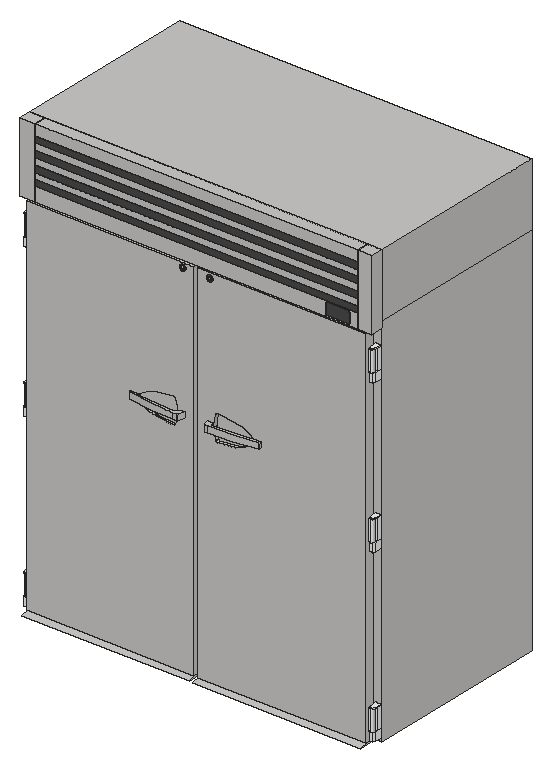
Revit family "QF_Turbo Air_PRO-50F-RI", category Specialty Equipment, Revit 2014
Parameters
  Width = 5' - 7"  # constant formula
  Weight in Pounds = 560
  Watermarked By = ""
  Volts = 208 V
  URL Cutsheet = ""
  URL = "www.turboairinc.com"
  Status [instance] = ""
  Specification by User [instance] = ""
  Specification by Manufacturer [instance] = ""
  Serial Number [instance] = ""
  Revision Code [instance] = ""
  Phase = 1
  Number of Poles [instance] = 1
  NAFEM Spec ID Number [instance] = ""
  Model = "PRO-50F-RI"
  Masterspec [instance] = ""
  Manufacturer = "Turbo Air"  # constant formula
  Description = "Freezer, Roll In"
  Assembly Code = "E1090320"
  Item Number [instance] = "-"
  Installed By [instance] = ""
  HP = "1 1/2"
  Furnished By [instance] = ""
  Foodservice Equipment Identifier = yes
  FL Amps = 10.5 A
  Electrical Remarks [instance] = ""
  Electric Connection Type = "115/208V-230V NEUTRAL REQUIRED"
  Elec Conn RI Height [instance] = 0' - 0"
  Elec Conn Connection Height = 6' - 4 7/8"
  Cycle = 60 Hz
  Conn Plug = "NEMA L14-20P"
  CSI MasterFormat = "11 41 13"
  Apparent Power = if(Phase = 3, Volts * FL Amps * 1.73, Volts * FL Amps)  # 2184 VA
Reference planes (in)
  plane 1 "BACK": y = 0
  plane 2: z = 0
  plane 3 "LEFT": x = -16.56573
  plane 4 "RIGHT": x = 50.43427
  plane 5 "FRONT": y = -37.875
  plane 6 "Box Front": y = -35.5
  plane 7 "TOP": z = 83.875
  plane 8 "Door Bottom": z = 0.375
  plane 9 "Door Top": z = 70.125
  plane 10 "Inside Left": x = -14.56573
  plane 11 "Inside Right": x = 48.43427
  plane 12 "Inside Back": y = -2
  plane 13 "Inside Front": y = -33.5
  plane 14 "Inside Top": z = 71.75
  plane 15 "Center LR": x = 16.93427
  plane 16 "Cowl Bottom": z = 70.5
  plane 17 "Left Door Left": x = -15.31573
  plane 18 "Left Door Right": x = 16.55927
  plane 19 "Right Door Left": x = 17.30927
  plane 20 "Right Door Right": x = 49.18427
Forms (in)
  Extrusion 1, solid, material "QF_Stainless-Polished"
    sketch origin (0, 0, 0) x (1, 0, 0) y (0, 1, 0)
      loop
        line (-16.56573, -35.5) -> (-13.81573, -35.5) -> (-13.81573, -33.5) -> (-14.56573, -33.5) -> (-14.56573, -2) -> (48.43427, -2) -> (48.43427, -33.5) -> (47.68427, -33.5) -> (47.68427, -35.5) -> (50.43427, -35.5) -> (50.43427, 0) -> (-16.56573, 0) -> (-16.56573, -35.5)
    from 0 to 71.75
  Extrusion 2, solid, material "QF_Stainless-Polished"
    sketch origin (-14.56573, 0, 0) x (0, 1, 0) y (0, 0, 1)
      loop
        line (-33.5, 1) -> (-33.5, 0) -> (-2, 0) -> (-2, 1) -> (-33.5, 1)
      loop
        line (-33.5, 71.75) -> (-33.5, 70.375) -> (-2, 70.375) -> (-2, 71.75) -> (-33.5, 71.75)
    from 0 to 63
  Extrusion 3, solid, material "QF_Stainless-Polished"
    sketch origin (-14.56573, 0, 0) x (0, 1, 0) y (0, 0, 1)
      loop
        line (-33.5, 0) -> (-33.5, 2) -> (-35.5, 2) -> (-35.5, 0) -> (-33.5, 0)
      loop
        line (-35.5, 71.75) -> (-35.5, 68) -> (-33.5, 68) -> (-33.5, 71.75) -> (-35.5, 71.75)
    from 0.75 to 62.25
  Extrusion 4, solid, material "QF_Stainless-Polished"
    sketch origin (0, 0, 83.875) x (0, 1, 0) y (-1, 0, 0)
      loop
        line (0, 16.56573) -> (-35.5, 16.56573) -> (-35.5, -50.43427) -> (0, -50.43427) -> (0, 16.56573)
    from 0 to -12.125
  Extrusion 5, solid, material "QF_Stainless-Polished"
    sketch origin (-14.56573, 0, 0) x (0, 1, 0) y (0, 0, 1)
      loop
        line (-2, 70.375) -> (-27.25, 70.375) -> (-25, 69.125) -> (-13.25, 69.125) -> (-3.25, 66.625) -> (-2, 66.625) -> (-2, 70.375)
    from 0 to 63
  Extrusion 6, solid, material "QF_Stainless-Polished"
    sketch origin (16.93427, 0, 0) x (0, 1, 0) y (0, 0, 1)
      loop
        line (-3.25, 66.625) -> (-3.25, 29.875) -> (-2, 29.875) -> (-2, 66.625) -> (-3.25, 66.625)
    from 0.25 to -0.25
  Extrusion 7, solid, material "QF_Plastic-Black-Fine Textured"
    sketch origin (0, -35.5, 0) x (1, 0, 0) y (0, 0, 1)
      loop
        line (-14.31573, 68.75) -> (-14.31573, 1.75) -> (15.55927, 1.75) -> (15.55927, 68.75) -> (-14.31573, 68.75)
      loop
        line (48.18427, 1.75) -> (48.18427, 68.75) -> (18.30927, 68.75) -> (18.30927, 1.75) -> (48.18427, 1.75)
      loop
        line (-14.56573, 1.5) -> (15.80927, 1.5) -> (15.80927, 69) -> (-14.56573, 69) -> (-14.56573, 1.5)
      loop
        line (48.43427, 69) -> (18.05927, 69) -> (18.05927, 1.5) -> (48.43427, 1.5) -> (48.43427, 69)
    from 0 to 0.625
  Extrusion 8, solid, material "QF_Stainless-Polished"
    sketch origin (0, -35.5, 0) x (1, 0, 0) y (0, 0, 1)
      loop
        line (-16.56573, 83.875) -> (-16.56573, 70.5) -> (-13.75323, 70.5) -> (-13.75323, 83.875) -> (-16.56573, 83.875)
      loop
        line (50.43427, 83.875) -> (47.62177, 83.875) -> (47.62177, 70.5) -> (50.43427, 70.5) -> (50.43427, 83.875)
    from 0 to 2.375
  Extrusion 9, solid, material "QF_Stainless-Polished"
    sketch origin (0, -35.5, 0) x (1, 0, 0) y (0, 0, 1)
      loop
        line (-13.75323, 83.875) -> (-13.75323, 81.875) -> (47.62177, 81.875) -> (47.62177, 83.875) -> (-13.75323, 83.875)
      loop
        line (-13.75323, 70.5) -> (47.62177, 70.5) -> (47.62177, 73.25) -> (-13.75323, 73.25) -> (-13.75323, 70.5)
      loop
        arc (46.12177, 72.75) -> (46.06686, 72.88258) -> (45.93427, 72.9375) r 0.1875
        line (45.93427, 72.9375) -> (41.80927, 72.9375)
        arc (41.80927, 72.9375) -> (41.67669, 72.88258) -> (41.62177, 72.75) r 0.1875
        line (41.62177, 72.75) -> (41.62177, 70.9375)
        arc (41.62177, 70.9375) -> (41.67669, 70.80492) -> (41.80927, 70.75) r 0.1875
        line (41.80927, 70.75) -> (45.93427, 70.75)
        arc (45.93427, 70.75) -> (46.06686, 70.80492) -> (46.12177, 70.9375) r 0.1875
        line (46.12177, 70.9375) -> (46.12177, 72.75)
    from 0 to 2.375
  Extrusion 10, solid, material "QF_Stainless-Polished"
    sketch origin (0, -35.5, 0) x (1, 0, 0) y (0, 0, 1)
      loop
        line (-13.75323, 80.5625) -> (-13.75323, 79.4375) -> (47.62177, 79.4375) -> (47.62177, 80.5625) -> (-13.75323, 80.5625)
      loop
        line (47.62177, 78.0625) -> (-13.75323, 78.0625) -> (-13.75323, 76.9375) -> (47.62177, 76.9375) -> (47.62177, 78.0625)
      loop
        line (47.62177, 75.5625) -> (-13.75323, 75.5625) -> (-13.75323, 74.4375) -> (47.62177, 74.4375) -> (47.62177, 75.5625)
    from 0 to 2.375
  Extrusion 11, solid, material "QF_Plastic-Black-Fine Textured"
    sketch origin (0, -35.5, 0) x (1, 0, 0) y (0, 0, 1)
      loop
        line (-13.75323, 81.875) -> (-13.75323, 80.5625) -> (47.62177, 80.5625) -> (47.62177, 81.875) -> (-13.75323, 81.875)
      loop
        line (-13.75323, 79.4375) -> (-13.75323, 78.0625) -> (47.62177, 78.0625) -> (47.62177, 79.4375) -> (-13.75323, 79.4375)
      loop
        line (-13.75323, 76.9375) -> (-13.75323, 75.5625) -> (47.62177, 75.5625) -> (47.62177, 76.9375) -> (-13.75323, 76.9375)
      loop
        line (-13.75323, 74.4375) -> (-13.75323, 73.25) -> (47.62177, 73.25) -> (47.62177, 74.4375) -> (-13.75323, 74.4375)
    from 0 to 2.375
  Extrusion 12, solid, material "QF_Plastic-Black-Fine Textured"
    sketch origin (0, -35.5, 0) x (1, 0, 0) y (0, 0, 1)
      loop
        arc (41.80927, 72.9375) -> (41.67669, 72.88258) -> (41.62177, 72.75) r 0.1875
        line (41.62177, 72.75) -> (41.62177, 70.9375)
        arc (41.62177, 70.9375) -> (41.67669, 70.80492) -> (41.80927, 70.75) r 0.1875
        line (41.80927, 70.75) -> (45.93427, 70.75)
        arc (45.93427, 70.75) -> (46.06686, 70.80492) -> (46.12177, 70.9375) r 0.1875
        line (46.12177, 70.9375) -> (46.12177, 72.75)
        arc (46.12177, 72.75) -> (46.06686, 72.88258) -> (45.93427, 72.9375) r 0.1875
        line (45.93427, 72.9375) -> (41.80927, 72.9375)
    from 0 to 2.375
  Extrusion 13, solid, material "QF_Clearance", detail levels coarse+medium
    sketch origin (0, 0, 0.375) x (0, 1, 0) y (-1, 0, 0)
      loop
        line (-37.875, 16.56573) -> (-71, 16.56573)
        arc (-71, 16.56573) -> (-61.29791, -6.85719) -> (-37.875, -16.55927) r 33.125
        line (-37.875, -16.55927) -> (-37.875, 16.56573)
    from 0 to 69.75
  Extrusion 14, solid, material "QF_Clearance", detail levels coarse+medium
    sketch origin (26.25, 0, 0.375) x (0, 1, 0) y (-1, 0, 0)
      loop
        arc (-37.875, 8.94073) -> (-61.29791, -0.76136) -> (-71, -24.18427) r 33.125
        line (-71, -24.18427) -> (-37.875, -24.18427) -> (-37.875, 8.94073)
    from 0 to 69.75
  Extrusion 15, solid, material "QF_Stainless-Polished"
    sketch origin (0, -35.5, 0) x (1, 0, 0) y (0, 0, 1)
      loop
        line (18.87177, 68) -> (14.99677, 68) -> (14.99677, 2) -> (18.87177, 2) -> (18.87177, 68)
    from 0 to -2
  Extrusion 16, solid, material "QF_Stainless-Polished"
    sketch origin (-15.31573, 0, 0) x (0, 1, 0) y (0, 0, 1)
      loop
        line (-35.5, 0.625) -> (-39.04455, 0) -> (-35.5, 0) -> (-35.5, 0.625)
    from 0 to 31.875
  Extrusion 17, solid, material "QF_Stainless-Polished"
    sketch origin (17.30927, 0, 0) x (0, 1, 0) y (0, 0, 1)
      loop
        line (-35.5, 0.625) -> (-39.04455, 0) -> (-35.5, 0) -> (-35.5, 0.625)
    from 0 to 31.875
Lines and regions (in)
  symbolic lines
    curve 1: line (-16.56573, 0, 83.875) -> (50.43427, 0, 83.875)
    curve 2: line (-16.56573, -37.875, 83.875) -> (-16.56573, 0, 83.875)
    curve 3: line (50.43427, -37.875, 83.875) -> (-16.56573, -37.875, 83.875)
    curve 4: line (50.43427, 0, 83.875) -> (50.43427, -37.875, 83.875)
    curve 9: line (-15.31573, -37.875, 0.375) -> (-15.31573, -39.04455, 0.375)
    curve 10: line (-15.31573, -39.04455, 0.375) -> (49.18427, -39.04455, 0.375)
    curve 11: line (49.18427, -39.04455, 0.375) -> (49.18427, -37.875, 0.375)
  symbolic lines, style "QF_Clearances_Door_Drawer"
    curve 5: line (-16.56573, -37.875, 0.375) -> (-16.56573, -71, 0.375)
    curve 6: line (50.43427, -71, 0.375) -> (50.43427, -37.875, 0.375)
  symbolic lines, style "QF_Clearances_Door_Drawer", detail levels coarse+medium
    curve 7: arc (-16.56573, -71, 0.375) -> (6.85719, -61.29791, 0.375) -> (16.55927, -37.875, 0.375) r 33.125
    curve 8: arc (17.30927, -37.875, 0.375) -> (27.01136, -61.29791, 0.375) -> (50.43427, -71, 0.375) r 33.125
Dimensions and locks (in)
  "Width": plane 4 "RIGHT" to plane 3 "LEFT"
  locked: plane 5 "FRONT" to plane 6 "Box Front" at 2.375
  locked: plane 3 "LEFT" to plane 10 "Inside Left" at 2
  locked: plane 11 "Inside Right" to plane 4 "RIGHT" at 2
  locked: plane 12 "Inside Back" to plane 1 "BACK" at 2
  locked: plane 6 "Box Front" to plane 13 "Inside Front" at 2
  locked: plane 10 "Inside Left" to Extrusion 1 sketch curve at 0.75
  locked: Extrusion 1 sketch curve to plane 11 "Inside Right" at 0.75
  locked: plane 14 "Inside Top" to Extrusion 2 sketch curve at 1.375
  locked: Extrusion 3 sketch curve to plane 14 "Inside Top" at 3.75
  locked: plane 14 "Inside Top" to Extrusion 5 sketch curve at 1.375
  locked: Extrusion 5 sketch curve to Extrusion 5 sketch curve at 1.25
  locked: Extrusion 5 sketch curve to Extrusion 5 sketch curve at 11.75
  locked: Extrusion 5 sketch curve to plane 12 "Inside Back" at 25.25
  locked: Extrusion 5 sketch curve to plane 12 "Inside Back" at 1.25
  locked: Extrusion 5 sketch curve to plane 12 "Inside Back" at 11.25
  locked: Extrusion 5 sketch curve to Extrusion 5 sketch curve at 3.75
  equal spacing: plane 3 "LEFT", plane 15 "Center LR", plane 4 "RIGHT"
  locked: plane 14 "Inside Top" to Extrusion 6 sketch curve at 5.125
  locked: Extrusion 6 sketch curve to Extrusion 6 sketch curve at 36.75
  locked: Extrusion 6 sketch curve to plane 12 "Inside Back" at 1.25
  locked: Extrusion 7 sketch curve to Extrusion 7 sketch curve at 0.25  (x8)
  locked: Extrusion 7 sketch curve to plane 3 "LEFT" at 2
  locked: Extrusion 7 sketch curve to plane 4 "RIGHT" at 2
  locked: plane 9 "Door Top" to Extrusion 7 sketch curve at 1.125  (x2)
  locked: Extrusion 7 sketch curve to plane 8 "Door Bottom" at 1.125  (x2)
  locked: plane 16 "Cowl Bottom" to plane 9 "Door Top" at 0.375
  locked: plane 3 "LEFT" to Extrusion 8 sketch curve at 2.8125
  locked: Extrusion 8 sketch curve to plane 4 "RIGHT" at 2.8125
  locked: Extrusion 9 sketch curve to plane 3 "LEFT" at 2.8125  (x2)
  locked: plane 7 "TOP" to Extrusion 9 sketch curve at 2
  locked: Extrusion 9 sketch curve to plane 4 "RIGHT" at 2.8125  (x2)
  locked: Extrusion 9 sketch curve to plane 16 "Cowl Bottom" at 2.75
  locked: Extrusion 9 sketch curve to Extrusion 9 sketch curve at 4.5
  locked: Extrusion 9 sketch curve to plane 4 "RIGHT" at 4.3125
  locked: Extrusion 9 sketch curve to Extrusion 9 sketch curve at 2.1875
  locked: Extrusion 9 sketch curve to Extrusion 9 sketch curve at 0.3125
  locked: Extrusion 10 sketch curve to plane 3 "LEFT" at 2.8125  (x3)
  locked: Extrusion 10 sketch curve to plane 4 "RIGHT" at 2.8125  (x3)
  locked: plane 7 "TOP" to Extrusion 10 sketch curve at 3.3125
  locked: Extrusion 10 sketch curve to Extrusion 10 sketch curve at 1.125  (x3)
  locked: Extrusion 10 sketch curve to Extrusion 10 sketch curve at 1.375  (x2)
  locked: plane 3 "LEFT" to plane 17 "Left Door Left" at 1.25
  locked: plane 20 "Right Door Right" to plane 4 "RIGHT" at 1.25
  locked: plane 14 "Inside Top" to Extrusion 15 sketch curve at 3.75
  Extrusion 15 sketch curve to plane 15 "Center LR" to Extrusion 15 sketch curve = 0' - 1 15/16" locked, 0' - 1 15/16" locked
  locked: Extrusion 7 sketch curve to plane 18 "Left Door Right" at 0.75
  locked: Extrusion 7 sketch curve to plane 19 "Right Door Left" at 0.75
  locked: plane 6 "Box Front" to plane 1 "BACK" at 35.5
  plane 8 "Door Bottom" to level = 0' - 0 3/8"
  locked: plane 14 "Inside Top" to plane 16 "Cowl Bottom" at 1.25
  locked: plane 7 "TOP" to plane 16 "Cowl Bottom" at 13.375
  locked: plane 7 "TOP" to level at 83.875
  plane 9 "Door Top" to plane 8 "Door Bottom" = 5' - 9 3/4"
  locked: plane 18 "Left Door Right" to plane 15 "Center LR" at 0.375
  locked: plane 15 "Center LR" to plane 19 "Right Door Left" at 0.375
  aligned and locked: level to plane 2
  aligned and locked: Extrusion 1 sketch curve to plane 3 "LEFT"
  aligned and locked: plane 10 "Inside Left" to Extrusion 1 sketch curve
  aligned and locked: Extrusion 1 sketch curve to plane 11 "Inside Right"
  aligned and locked: plane 4 "RIGHT" to Extrusion 1 sketch curve
  aligned and locked: plane 12 "Inside Back" to Extrusion 1 sketch curve
  aligned and locked: Extrusion 1 sketch curve to plane 1 "BACK"
  aligned and locked: Extrusion 1 sketch curve to plane 13 "Inside Front"  (x2)
  aligned and locked: plane 6 "Box Front" to Extrusion 1 sketch curve  (x2)
  aligned and locked: plane 14 "Inside Top" to Extrusion 1
  aligned and locked: plane 13 "Inside Front" to Extrusion 2 sketch curve
  aligned and locked: plane 12 "Inside Back" to Extrusion 2 sketch curve  (x2)
  aligned and locked: plane 11 "Inside Right" to Extrusion 2
  aligned and locked: plane 6 "Box Front" to Extrusion 3 sketch curve  (x2)
  aligned and locked: Extrusion 3 sketch curve to plane 13 "Inside Front"  (x2)
  aligned and locked: Extrusion 3 to Extrusion 1  (x2)
  aligned and locked: Extrusion 2 sketch curve to plane 14 "Inside Top"
  aligned and locked: Extrusion 2 sketch curve to plane 13 "Inside Front"
  aligned and locked: plane 14 "Inside Top" to Extrusion 3 sketch curve
  aligned and locked: plane 1 "BACK" to Extrusion 4 sketch curve
  aligned and locked: plane 3 "LEFT" to Extrusion 4 sketch curve
  aligned and locked: Extrusion 4 sketch curve to plane 6 "Box Front"
  aligned and locked: Extrusion 4 sketch curve to plane 4 "RIGHT"
  aligned and locked: Extrusion 4 to plane 14 "Inside Top"
  aligned and locked: plane 12 "Inside Back" to Extrusion 5 sketch curve
  aligned and locked: plane 11 "Inside Right" to Extrusion 5
  aligned and locked: Extrusion 6 sketch curve to plane 12 "Inside Back"
  aligned and locked: plane 5 "FRONT" to Extrusion 8
  aligned and locked: plane 3 "LEFT" to curve 2
  aligned and locked: curve 3 to plane 5 "FRONT"
  aligned and locked: curve 4 to plane 4 "RIGHT"
  aligned and locked: plane 1 "BACK" to curve 1
  aligned and locked: plane 16 "Cowl Bottom" to Extrusion 8 sketch curve
  aligned and locked: plane 3 "LEFT" to Extrusion 8 sketch curve
  aligned and locked: Extrusion 8 sketch curve to plane 7 "TOP"
  aligned and locked: plane 7 "TOP" to Extrusion 8 sketch curve
  aligned and locked: plane 4 "RIGHT" to Extrusion 8 sketch curve
  aligned and locked: Extrusion 8 sketch curve to plane 16 "Cowl Bottom"
  aligned and locked: Extrusion 9 sketch curve to plane 7 "TOP"
  aligned and locked: plane 16 "Cowl Bottom" to Extrusion 9 sketch curve
  aligned and locked: plane 5 "FRONT" to Extrusion 9
  aligned and locked: plane 5 "FRONT" to Extrusion 10
  aligned and locked: Extrusion 11 sketch curve to Extrusion 9  (x4)
  aligned and locked: Extrusion 11 sketch curve to Extrusion 10  (x12)
  aligned and locked: plane 5 "FRONT" to Extrusion 11
  aligned and locked: Extrusion 12 sketch curve to Extrusion 9  (x4)
  aligned and locked: plane 5 "FRONT" to Extrusion 12
  aligned and locked: plane 8 "Door Bottom" to nested 1
  aligned and locked: plane 3 "LEFT" to nested 1
  aligned and locked: plane 18 "Left Door Right" to nested 1
  aligned and locked: plane 9 "Door Top" to Extrusion 13
  aligned and locked: plane 9 "Door Top" to Extrusion 14
  aligned and locked: plane 4 "RIGHT" to nested 2
  aligned and locked: plane 18 "Left Door Right" to Extrusion 16
  aligned and locked: plane 20 "Right Door Right" to Extrusion 17
  aligned and locked: nested 1 to plane 6 "Box Front"
  aligned and locked: plane 6 "Box Front" to nested 2
Automatic sketch dimensions
  Extrusion 2 sketch curve to level = 0' - 0"
  plane 8 "Door Bottom" to Extrusion 2 sketch curve = 0' - 0 5/8"
  Extrusion 3 sketch curve to level = 0' - 0"
  plane 8 "Door Bottom" to Extrusion 3 sketch curve = 0' - 1 5/8"
  Extrusion 9 sketch curve to Extrusion 9 sketch curve = 0' - 0 3/16"  (x4)
  Extrusion 13 sketch curve to plane 3 "LEFT" = 0' - 0"
  plane 5 "FRONT" to Extrusion 13 sketch curve = 0' - 0"
  Extrusion 13 sketch curve to plane 18 "Left Door Right" = 0' - 0"
  Extrusion 14 sketch curve to plane 4 "RIGHT" = 0' - 0"
  plane 5 "FRONT" to Extrusion 14 sketch curve = 0' - 0"
  Extrusion 14 sketch curve to plane 19 "Right Door Left" = 0' - 0"
  plane 8 "Door Bottom" to Extrusion 15 sketch curve = 0' - 1 5/8"
  Extrusion 16 sketch curve to level = 0' - 0"
  Extrusion 16 sketch curve to plane 6 "Box Front" = 0' - 0"
  plane 5 "FRONT" to Extrusion 16 sketch curve = 0' - 1.16955"
  plane 8 "Door Bottom" to Extrusion 16 sketch curve = 0' - 0 1/4"
  Extrusion 17 sketch curve to level = 0' - 0"
  Extrusion 17 sketch curve to plane 6 "Box Front" = 0' - 0"
  plane 5 "FRONT" to Extrusion 17 sketch curve = 0' - 1.16955"
  plane 8 "Door Bottom" to Extrusion 17 sketch curve = 0' - 0 1/4"
  curve 5 to plane 3 "LEFT" = 0' - 0"
  curve 6 to plane 4 "RIGHT" = 0' - 0"
  curve 9 to plane 17 "Left Door Left" = 0' - 0"
  curve 10 to plane 20 "Right Door Right" = 0' - 0"
  plane 5 "FRONT" to curve 7 = 0' - 0"
  plane 5 "FRONT" to curve 9 = 0' - 0"
  plane 5 "FRONT" to curve 6 = 0' - 0"
  plane 5 "FRONT" to curve 8 = 0' - 0"
  plane 5 "FRONT" to curve 5 = 0' - 0"
  plane 5 "FRONT" to curve 11 = 0' - 0"
  curve 8 to plane 19 "Right Door Left" = 0' - 0"
  curve 7 to plane 18 "Left Door Right" = 0' - 0"
  plane 5 "FRONT" to curve 9 = 0' - 1.16955"
Nested families (in)
  nested 1: "QF_Turbo Air_RI-Solid Door" at (-0.00645, -36.125, 0.375) x (-1, 0, 0) z (0, 0, 1), type "QF_Turbo Air_RI-Solid Door"
    with Width 2' - 7 7/8", Symbolic Lines Handle yes, Symbolic Lines no, Height 5' - 9 3/4", Handle From Top 2' - 1 7/8", Center Hinge yes
  nested 2: "QF_Turbo Air_RI-Solid Door" at (33.875, -36.125, 0.375), type "QF_Turbo Air_RI-Solid Door"
    with Width 2' - 7 7/8", Symbolic Lines Handle yes, Symbolic Lines no, Height 5' - 9 3/4", Handle From Top 2' - 1 7/8", Center Hinge yes
Connectors (in)
  electrical at (16.93427, 0, 77.8125)
    settings: on Extrusion 4, index 1, voltage 0 V, apparent load 0 VA, apparent load phase1 0 VA, apparent load phase2 0 VA, apparent load phase3 0 VA, power factor 1, load classification "Other", number of poles 1, system type 31, power factor state 1, is connector primary yes, connector utility no, sub classification motor no, connector description ""
Definition of nested family "QF_Turbo Air_RI-Solid Door"
  Parameters (values of type "QF_Turbo Air_RI-Solid Door")
    Width [instance] = 2' - 2 1/4"
    Watermarked By = ""
    Symbolic Lines Handle [instance] = yes
    Symbolic Lines [instance] = yes
    Height [instance] = 5' - 3 1/4"
    Handle From Top [instance] = 2' - 1 7/8"
    Center Hinge [instance] = yes
  Reference planes (in)
    plane 1 "Door Back": y = 0
    plane 2: z = 0
    plane 3 "LEFT": x = -16.56573
    plane 4 "Door Front": y = -1.75
    plane 5 "Handle Front": y = -3.0625
    plane 6 "Door Right": x = 9.68427
    plane 7 "TOP": z = 63.25
    plane 8 "Handle Elevation": z = 37.375
    plane 9 "Hinge Right": x = 10.93427
    plane 10 "Top Hinge Top": z = 60.75
    plane 11 "Top Hinge Bottom": z = 55
    plane 12: z = 56.625
    plane 13 "Center TB": z = 31.625
    plane 14 "Center Hinge Top": z = 35.0625
    plane 15 "Center Hinge Bottom": z = 29.3125
    plane 16: z = 30.9375
    plane 17 "Bottom Hinge Top": z = 6
    plane 18 "Bottom Hinge Bottom": z = 0.25
    plane 19: z = 1.875
    plane 20 "Hinges Front": y = -1.1875
    plane 21 "Hinges Back": y = 0.625
  Forms (in)
    Extrusion 1, solid, material "QF_Stainless-Polished"
      sketch origin (0, 0, 0) x (1, 0, 0) y (0, 0, 1)
        loop
          line (-16.56573, 63.25) -> (-16.56573, 0) -> (9.68427, 0) -> (9.68427, 63.25) -> (-16.56573, 63.25)
        loop
          arc (-13.15519, 39.61272) -> (-13.41636, 38.50742) -> (-13.50323, 37.375) r 7.3125
          arc (-13.50323, 37.375) -> (-13.41636, 36.24258) -> (-13.15519, 35.13728) r 7.3125
          arc (-13.15519, 35.13728) -> (-13.01711, 34.94724) -> (-12.79306, 34.87662) r 0.375
          arc (-12.79306, 34.87662) -> (-11.04564, 34.98179) -> (-9.31573, 35.25) r 18.6875
          arc (-9.31573, 35.25) -> (-7.55515, 35.84984) -> (-6.00323, 36.875) r 7.30243
          arc (-6.00323, 36.875) -> (-5.85876, 37.375) -> (-6.00323, 37.875) r 0.9375
          arc (-6.00323, 37.875) -> (-7.55515, 38.90016) -> (-9.31573, 39.5) r 7.30243
          arc (-9.31573, 39.5) -> (-11.04564, 39.76821) -> (-12.79306, 39.87338) r 18.6875
          arc (-12.79306, 39.87338) -> (-13.01711, 39.80276) -> (-13.15519, 39.61272) r 0.375
      from 0 to 1.75
    Extrusion 2, solid, material "QF_Stainless-Polished"
      sketch origin (0, 0, 0) x (1, 0, 0) y (0, 0, 1)
        loop
          arc (-13.15519, 39.61272) -> (-13.41636, 38.50742) -> (-13.50323, 37.375) r 7.3125
          arc (-13.50323, 37.375) -> (-13.41636, 36.24258) -> (-13.15519, 35.13728) r 7.3125
          arc (-13.15519, 35.13728) -> (-13.01711, 34.94724) -> (-12.79306, 34.87662) r 0.375
          arc (-12.79306, 34.87662) -> (-11.04564, 34.98179) -> (-9.31573, 35.25) r 18.6875
          arc (-9.31573, 35.25) -> (-7.55515, 35.84984) -> (-6.00323, 36.875) r 7.30243
          arc (-6.00323, 36.875) -> (-5.85876, 37.375) -> (-6.00323, 37.875) r 0.9375
          arc (-6.00323, 37.875) -> (-7.55515, 38.90016) -> (-9.31573, 39.5) r 7.30243
          arc (-9.31573, 39.5) -> (-11.04564, 39.76821) -> (-12.79306, 39.87338) r 18.6875
          arc (-12.79306, 39.87338) -> (-13.01711, 39.80276) -> (-13.15519, 39.61272) r 0.375
      from 0 to 1.25
    Extrusion 3, solid, material "QF_Stainless-Polished"
      sketch origin (0, 0, 37.375) x (0, 1, 0) y (-1, 0, 0)
        loop
          line (-1.75, 14.806) -> (-2.93294, 14.42164)
          arc (-2.93294, 14.42164) -> (-3.02669, 14.35352) -> (-3.0625, 14.24331) r 0.1875
          line (-3.0625, 14.24331) -> (-3.0625, 13.62954)
          arc (-3.0625, 13.62954) -> (-2.88483, 9.14446) -> (-2.21868, 4.70557) r 41.0625
          arc (-2.21868, 4.70557) -> (-2.15347, 4.59812) -> (-2.03505, 4.55599) r 0.1875
          line (-2.03505, 4.55599) -> (-1.75, 4.55599) -> (-1.75, 5.93099) -> (-1.83987, 5.93099)
          arc (-1.83987, 5.93099) -> (-1.96178, 5.97604) -> (-2.02512, 6.08952) r 0.1875
          arc (-2.02512, 6.08952) -> (-2.42253, 9.66014) -> (-2.50243, 13.25191) r 40.5625
          arc (-2.50243, 13.25191) -> (-2.47714, 13.3419) -> (-2.41155, 13.4085) r 0.1875
          line (-2.41155, 13.4085) -> (-1.75, 13.806) -> (-1.75, 14.806)
      from -0.5625 to 0.5625
    Extrusion 4, solid, material "QF_Steel-Chrome Plated"
      sketch origin (0, 0, 0.25) x (0, 1, 0) y (-1, 0, 0)
        loop
          line (0.625, -10.81225) -> (0.625, -9.7438) -> (-0.75, -9.80927) -> (-1.1875, -9.9342) -> (-1.1875, -10.62185) -> (-0.75, -10.74677) -> (0.625, -10.81225)
      from 0 to 1.625
    Extrusion 5, solid, material "QF_Steel-Chrome Plated"
      sketch origin (0, 0, 6) x (0, 1, 0) y (-1, 0, 0)
        loop
          line (-0.5625, -9.68427) -> (-1.1875, -9.68427) -> (-1.1875, -10.27802)
          arc (-1.1875, -10.27802) -> (-0.875, -10.59052) -> (-0.5625, -10.27802) r 0.3125
          line (-0.5625, -10.27802) -> (-0.5625, -9.68427)
      from -0.125 to -4.125
    Extrusion 6, solid, material "QF_Steel-Chrome Plated"
      sketch origin (0, 0, 6) x (0, 1, 0) y (-1, 0, 0)
        loop
          line (0.625, -9.7438) -> (-0.25, -9.78547) -> (-0.25, -10.77058) -> (0.625, -10.81225) -> (0.625, -9.7438)
      from -0.125 to -4.125
    Extrusion 7, solid, material "QF_Steel-Chrome Plated"
      sketch origin (0, 0, 6) x (0, 1, 0) y (-1, 0, 0)
        loop
          line (0.625, -10.81225) -> (0.625, -9.7438) -> (-0.75, -9.80927) -> (-1.1875, -9.9342) -> (-1.1875, -10.62185) -> (-0.75, -10.74677) -> (0.625, -10.81225)
      from 0 to -0.125
    Extrusion 8, solid, material "QF_Steel-Chrome Plated", visible <- "Center Hinge"
      sketch origin (0, 0, 29.3125) x (0, 1, 0) y (-1, 0, 0)
        loop
          line (0.625, -10.81225) -> (0.625, -9.7438) -> (-0.75, -9.80927) -> (-1.1875, -9.9342) -> (-1.1875, -10.62185) -> (-0.75, -10.74677) -> (0.625, -10.81225)
      from 0 to 1.625
    Extrusion 9, solid, material "QF_Steel-Chrome Plated", visible <- "Center Hinge"
      sketch origin (0, 0, 35.0625) x (0, 1, 0) y (-1, 0, 0)
        loop
          line (-0.5625, -9.68427) -> (-1.1875, -9.68427) -> (-1.1875, -10.27802)
          arc (-1.1875, -10.27802) -> (-0.875, -10.59052) -> (-0.5625, -10.27802) r 0.3125
          line (-0.5625, -10.27802) -> (-0.5625, -9.68427)
      from -0.125 to -4.125
    Extrusion 10, solid, material "QF_Steel-Chrome Plated", visible <- "Center Hinge"
      sketch origin (0, 0, 35.0625) x (0, 1, 0) y (-1, 0, 0)
        loop
          line (0.625, -9.7438) -> (-0.25, -9.78547) -> (-0.25, -10.77058) -> (0.625, -10.81225) -> (0.625, -9.7438)
      from -0.125 to -4.125
    Extrusion 11, solid, material "QF_Steel-Chrome Plated", visible <- "Center Hinge"
      sketch origin (0, 0, 35.0625) x (0, 1, 0) y (-1, 0, 0)
        loop
          line (0.625, -10.81225) -> (0.625, -9.7438) -> (-0.75, -9.80927) -> (-1.1875, -9.9342) -> (-1.1875, -10.62185) -> (-0.75, -10.74677) -> (0.625, -10.81225)
      from 0 to -0.125
    Extrusion 12, solid, material "QF_Steel-Chrome Plated"
      sketch origin (0, 0, 55) x (0, 1, 0) y (-1, 0, 0)
        loop
          line (0.625, -10.81225) -> (0.625, -9.7438) -> (-0.75, -9.80927) -> (-1.1875, -9.9342) -> (-1.1875, -10.62185) -> (-0.75, -10.74677) -> (0.625, -10.81225)
      from 0 to 1.625
    Extrusion 13, solid, material "QF_Steel-Chrome Plated"
      sketch origin (0, 0, 60.75) x (0, 1, 0) y (-1, 0, 0)
        loop
          line (-0.5625, -9.68427) -> (-1.1875, -9.68427) -> (-1.1875, -10.27802)
          arc (-1.1875, -10.27802) -> (-0.875, -10.59052) -> (-0.5625, -10.27802) r 0.3125
          line (-0.5625, -10.27802) -> (-0.5625, -9.68427)
      from -0.125 to -4.125
    Extrusion 14, solid, material "QF_Steel-Chrome Plated"
      sketch origin (0, 0, 60.75) x (0, 1, 0) y (-1, 0, 0)
        loop
          line (0.625, -9.7438) -> (-0.25, -9.78547) -> (-0.25, -10.77058) -> (0.625, -10.81225) -> (0.625, -9.7438)
      from -0.125 to -4.125
    Extrusion 15, solid, material "QF_Steel-Chrome Plated"
      sketch origin (0, 0, 60.75) x (0, 1, 0) y (-1, 0, 0)
        loop
          line (0.625, -10.81225) -> (0.625, -9.7438) -> (-0.75, -9.80927) -> (-1.1875, -9.9342) -> (-1.1875, -10.62185) -> (-0.75, -10.74677) -> (0.625, -10.81225)
      from 0 to -0.125
    Extrusion 16, void
      sketch origin (0, 0, 0) x (1, 0, 0) y (0, 0, 1)
        loop
          circle (-14.37823, 62.3125) r 0.5625
        loop
          circle (-14.37823, 62.3125) r 0.3125
      from 0 to 1.75
    Extrusion 17, solid, material "QF_Plastic-Black-Fine Textured"
      sketch origin (0, 0, 0) x (1, 0, 0) y (0, 0, 1)
        loop
          circle (-14.37823, 62.3125) r 0.5625
        loop
          circle (-14.37823, 62.3125) r 0.3125
      from 0 to 1.75
  Cuts and joins
    Extrusion 16 cuts Extrusion 1
  Lines and regions (in)
    symbolic lines, visible <- "Symbolic Lines"
      curve 1: line (-16.56573, 0, 6) -> (9.68427, 0, 6)
      curve 2: line (-16.56573, -1.75, 6) -> (-16.56573, 0, 6)
      curve 3: line (9.68427, -1.75, 6) -> (-16.56573, -1.75, 6)
      curve 4: line (9.68427, 0, 6) -> (9.68427, -1.75, 6)
      curve 5: line (10.81225, 0.625, 6) -> (9.7438, 0.625, 6)
      curve 6: line (10.74677, -0.75, 6) -> (10.81225, 0.625, 6)
      curve 7: line (10.62185, -1.1875, 6) -> (10.74677, -0.75, 6)
      curve 8: line (9.9342, -1.1875, 6) -> (10.62185, -1.1875, 6)
      curve 9: line (9.80927, -0.75, 6) -> (9.9342, -1.1875, 6)
      curve 10: line (9.7438, 0.625, 6) -> (9.80927, -0.75, 6)
    symbolic lines, visible <- "Symbolic Lines Handle"
      curve 11: line (-14.806, -1.75, 6) -> (-14.42164, -2.93294, 6)
      curve 12: arc (-14.42164, -2.93294, 6) -> (-14.35352, -3.02669, 6) -> (-14.24331, -3.0625, 6) r 0.1875
      curve 13: line (-14.24331, -3.0625, 6) -> (-13.62954, -3.0625, 6)
      curve 14: line (-4.55599, -2.03505, 6) -> (-4.55599, -1.75, 6)
      curve 15: arc (-4.70557, -2.21868, 6) -> (-4.59812, -2.15347, 6) -> (-4.55599, -2.03505, 6) r 0.1875
      curve 16: arc (-13.62954, -3.0625, 6) -> (-9.14446, -2.88483, 6) -> (-4.70557, -2.21868, 6) r 41.0625
      curve 17: line (-13.4085, -2.41155, 6) -> (-13.806, -1.75, 6)
      curve 18: arc (-13.25191, -2.50243, 6) -> (-13.3419, -2.47714, 6) -> (-13.4085, -2.41155, 6) r 0.1875
      curve 19: arc (-6.08952, -2.02512, 6) -> (-9.66014, -2.42253, 6) -> (-13.25191, -2.50243, 6) r 40.5625
      curve 20: arc (-5.93099, -1.83987, 6) -> (-5.97604, -1.96178, 6) -> (-6.08952, -2.02512, 6) r 0.1875
      curve 21: line (-5.93099, -1.75, 6) -> (-5.93099, -1.83987, 6)
  Dimensions and locks (in)
    locked: plane 5 "Handle Front" to plane 4 "Door Front" at 1.3125
    "Width": plane 6 "Door Right" to plane 3 "LEFT"
    "Height": plane 7 "TOP" to plane 2
    "Handle From Top": plane 7 "TOP" to plane 8 "Handle Elevation"
    locked: plane 6 "Door Right" to plane 9 "Hinge Right" at 1.25
    locked: plane 7 "TOP" to plane 10 "Top Hinge Top" at 2.5
    locked: plane 10 "Top Hinge Top" to plane 11 "Top Hinge Bottom" at 5.75
    locked: plane 12 to plane 11 "Top Hinge Bottom" at 1.625
    equal spacing: plane 7 "TOP", plane 13 "Center TB", level
    locked: plane 14 "Center Hinge Top" to plane 15 "Center Hinge Bottom" at 5.75
    locked: plane 16 to plane 15 "Center Hinge Bottom" at 1.625
    locked: plane 14 "Center Hinge Top" to plane 13 "Center TB" at 3.4375
    locked: plane 17 "Bottom Hinge Top" to plane 18 "Bottom Hinge Bottom" at 5.75
    locked: plane 19 to plane 18 "Bottom Hinge Bottom" at 1.625
    locked: plane 17 "Bottom Hinge Top" to level at 6
    locked: Extrusion 1 sketch curve to plane 8 "Handle Elevation" at 2.12341
    locked: plane 8 "Handle Elevation" to Extrusion 1 sketch curve at 2.12341
    locked: Extrusion 1 sketch curve to plane 8 "Handle Elevation" at 16.18748
    locked: plane 8 "Handle Elevation" to Extrusion 1 sketch curve at 16.18748
    locked: plane 8 "Handle Elevation" to Extrusion 1 sketch curve at 5.03089
    locked: Extrusion 1 sketch curve to plane 8 "Handle Elevation" at 5.03089
    locked: Extrusion 1 sketch curve to plane 8 "Handle Elevation" at 0
    locked: Extrusion 1 sketch curve to plane 8 "Handle Elevation" at 0.00859
    locked: plane 8 "Handle Elevation" to Extrusion 1 sketch curve at 0.00859
    locked: Extrusion 4 sketch curve to Extrusion 4 sketch curve at 1.06845
    locked: Extrusion 4 sketch curve to plane 9 "Hinge Right" at 0.12202
    locked: Extrusion 4 sketch curve to Extrusion 4 sketch curve at 0.9375
    locked: Extrusion 4 sketch curve to plane 9 "Hinge Right" at 0.1875
    locked: Extrusion 4 sketch curve to Extrusion 4 sketch curve at 0.68764
    locked: Extrusion 4 sketch curve to plane 9 "Hinge Right" at 0.31243
    locked: plane 20 "Hinges Front" to Extrusion 5 sketch curve at 0.625
    locked: plane 6 "Door Right" to Extrusion 5 sketch curve at 0.59375
    locked: Extrusion 6 sketch curve to Extrusion 6 sketch curve at 1.06845
    locked: Extrusion 6 sketch curve to plane 9 "Hinge Right" at 0.12202
    locked: Extrusion 6 sketch curve to Extrusion 6 sketch curve at 0.98512
    locked: Extrusion 6 sketch curve to plane 9 "Hinge Right" at 0.16369
    locked: Extrusion 7 sketch curve to Extrusion 7 sketch curve at 1.06845
    locked: Extrusion 7 sketch curve to Extrusion 7 sketch curve at 0.9375
    locked: Extrusion 7 sketch curve to Extrusion 7 sketch curve at 0.68764
    locked: Extrusion 7 sketch curve to plane 9 "Hinge Right" at 0.12202
    locked: Extrusion 7 sketch curve to plane 9 "Hinge Right" at 0.1875
    locked: Extrusion 7 sketch curve to plane 9 "Hinge Right" at 0.31243
    locked: Extrusion 8 sketch curve to Extrusion 8 sketch curve at 1.06845
    locked: Extrusion 8 sketch curve to Extrusion 8 sketch curve at 0.9375
    locked: Extrusion 8 sketch curve to Extrusion 8 sketch curve at 0.68764
    locked: Extrusion 10 sketch curve to Extrusion 10 sketch curve at 1.06845
    locked: Extrusion 10 sketch curve to Extrusion 10 sketch curve at 0.98512
    locked: Extrusion 11 sketch curve to Extrusion 11 sketch curve at 1.06845
    locked: Extrusion 11 sketch curve to Extrusion 11 sketch curve at 0.9375
    locked: Extrusion 11 sketch curve to Extrusion 11 sketch curve at 0.68764
    locked: Extrusion 12 sketch curve to Extrusion 12 sketch curve at 1.06845
    locked: Extrusion 12 sketch curve to Extrusion 12 sketch curve at 0.9375
    locked: Extrusion 12 sketch curve to Extrusion 12 sketch curve at 0.68764
    locked: Extrusion 14 sketch curve to Extrusion 14 sketch curve at 1.06845
    locked: Extrusion 14 sketch curve to Extrusion 14 sketch curve at 0.98512
    locked: Extrusion 15 sketch curve to Extrusion 15 sketch curve at 1.06845
    locked: Extrusion 15 sketch curve to Extrusion 15 sketch curve at 0.9375
    locked: Extrusion 15 sketch curve to Extrusion 15 sketch curve at 0.68764
    locked: Extrusion 8 sketch curve to plane 9 "Hinge Right" at 0.12202
    locked: Extrusion 8 sketch curve to plane 9 "Hinge Right" at 0.1875
    locked: Extrusion 8 sketch curve to plane 9 "Hinge Right" at 0.31243
    locked: Extrusion 10 sketch curve to plane 9 "Hinge Right" at 0.12202
    locked: Extrusion 10 sketch curve to plane 9 "Hinge Right" at 0.16369
    locked: Extrusion 11 sketch curve to plane 9 "Hinge Right" at 0.12202
    locked: Extrusion 11 sketch curve to plane 9 "Hinge Right" at 0.1875
    locked: Extrusion 11 sketch curve to plane 9 "Hinge Right" at 0.31243
    locked: plane 6 "Door Right" to Extrusion 9 sketch curve at 0.59375
    locked: plane 20 "Hinges Front" to Extrusion 9 sketch curve at 0.625
    locked: Extrusion 12 sketch curve to plane 9 "Hinge Right" at 0.12202
    locked: Extrusion 12 sketch curve to plane 9 "Hinge Right" at 0.1875
    locked: Extrusion 12 sketch curve to plane 9 "Hinge Right" at 0.31243
    locked: Extrusion 14 sketch curve to plane 9 "Hinge Right" at 0.12202
    locked: Extrusion 14 sketch curve to plane 9 "Hinge Right" at 0.16369
    locked: Extrusion 15 sketch curve to plane 9 "Hinge Right" at 0.12202
    locked: Extrusion 15 sketch curve to plane 9 "Hinge Right" at 0.1875
    locked: Extrusion 15 sketch curve to plane 9 "Hinge Right" at 0.31243
    locked: plane 20 "Hinges Front" to Extrusion 13 sketch curve at 0.625
    locked: plane 6 "Door Right" to Extrusion 13 sketch curve at 0.59375
    locked: plane 7 "TOP" to Extrusion 16 sketch curve at 0.9375  (x2)
    locked: Extrusion 16 sketch curve to plane 3 "LEFT" at 2.1875  (x2)
    aligned and locked: level to plane 2
    aligned and locked: Extrusion 1 sketch curve to plane 7 "TOP"
    aligned and locked: plane 3 "LEFT" to Extrusion 1 sketch curve
    aligned and locked: level to Extrusion 1 sketch curve
    aligned and locked: Extrusion 1 sketch curve to plane 6 "Door Right"
    aligned and locked: plane 4 "Door Front" to Extrusion 1
    aligned and locked: plane 8 "Handle Elevation" to Extrusion 1 sketch curve
    aligned and locked: Extrusion 2 sketch curve to Extrusion 1  (x9)
    aligned and locked: plane 20 "Hinges Front" to Extrusion 4 sketch curve
    aligned and locked: plane 19 to Extrusion 4
    aligned and locked: Extrusion 5 to plane 19
    aligned and locked: Extrusion 5 sketch curve to plane 6 "Door Right"
    aligned and locked: plane 20 "Hinges Front" to Extrusion 5 sketch curve
    aligned and locked: Extrusion 6 to plane 19
    aligned and locked: plane 16 to Extrusion 8
    aligned and locked: Extrusion 10 to plane 16
    aligned and locked: Extrusion 9 to plane 16
    aligned and locked: Extrusion 9 sketch curve to plane 6 "Door Right"
    aligned and locked: plane 20 "Hinges Front" to Extrusion 9 sketch curve
    aligned and locked: plane 20 "Hinges Front" to Extrusion 11 sketch curve
    aligned and locked: plane 20 "Hinges Front" to Extrusion 8 sketch curve
    aligned and locked: plane 12 to Extrusion 12
    aligned and locked: Extrusion 14 to plane 12
    aligned and locked: Extrusion 13 to plane 12
    aligned and locked: plane 20 "Hinges Front" to Extrusion 12 sketch curve
    aligned and locked: plane 20 "Hinges Front" to Extrusion 15 sketch curve
    aligned and locked: Extrusion 13 sketch curve to plane 6 "Door Right"
    aligned and locked: plane 20 "Hinges Front" to Extrusion 13 sketch curve
    aligned and locked: plane 4 "Door Front" to cut or joined group of Extrusion 1, Extrusion 16
    aligned and locked: Extrusion 17 sketch curve to cut or joined group of Extrusion 1, Extrusion 16  (x4)
    aligned and locked: plane 4 "Door Front" to Extrusion 17
    aligned and locked: plane 1 "Door Back" to curve 1
    aligned and locked: plane 3 "LEFT" to curve 2
    aligned and locked: curve 3 to plane 4 "Door Front"
    aligned and locked: curve 4 to plane 6 "Door Right"
    aligned and locked: curve 6 to Extrusion 15
    aligned and locked: curve 7 to Extrusion 15
    aligned and locked: curve 8 to Extrusion 15
    aligned and locked: curve 9 to Extrusion 15
    aligned and locked: curve 10 to Extrusion 15
    aligned and locked: curve 11 to Extrusion 3
    aligned and locked: curve 12 to Extrusion 3
    aligned and locked: curve 15 to Extrusion 3
    aligned and locked: curve 16 to Extrusion 3
    aligned and locked: curve 17 to Extrusion 3
    aligned and locked: curve 18 to Extrusion 3
    aligned and locked: curve 19 to Extrusion 3
    aligned and locked: curve 20 to Extrusion 3
    aligned and locked: curve 21 to Extrusion 3
    aligned and locked: Extrusion 4 sketch curve to plane 21 "Hinges Back"
    aligned and locked: plane 21 "Hinges Back" to Extrusion 6 sketch curve
    aligned and locked: Extrusion 7 sketch curve to plane 21 "Hinges Back"
    aligned and locked: Extrusion 8 sketch curve to plane 21 "Hinges Back"
    aligned and locked: plane 21 "Hinges Back" to Extrusion 10 sketch curve
    aligned and locked: Extrusion 11 sketch curve to plane 21 "Hinges Back"
    aligned and locked: Extrusion 12 sketch curve to plane 21 "Hinges Back"
    aligned and locked: plane 21 "Hinges Back" to Extrusion 14 sketch curve
    aligned and locked: Extrusion 15 sketch curve to plane 21 "Hinges Back"
  Automatic sketch dimensions
    plane 3 "LEFT" to Extrusion 1 sketch curve = 0' - 3.525"  (x2)
    plane 3 "LEFT" to Extrusion 1 sketch curve = 0' - 3.76769"  (x2)
    Extrusion 1 sketch curve to Extrusion 1 sketch curve = 0' - 2.02671"  (x2)
    Extrusion 1 sketch curve to Extrusion 1 sketch curve = 0' - 6.00177"
    Extrusion 1 sketch curve to Extrusion 1 sketch curve = 0' - 0.60553"
    Extrusion 1 sketch curve to Extrusion 1 sketch curve = 0' - 0"  (x7)
    Extrusion 1 sketch curve to Extrusion 1 sketch curve = 0' - 0.70519"
    plane 8 "Handle Elevation" to Extrusion 1 sketch curve = 0' - 0 1/2"
    plane 5 "Handle Front" to Extrusion 3 sketch curve = 0' - 0"
    plane 4 "Door Front" to Extrusion 3 sketch curve = 0' - 0"  (x2)
    Extrusion 3 sketch curve to plane 5 "Handle Front" = 0' - 0.12956"
    Extrusion 3 sketch curve to Extrusion 3 sketch curve = 0' - 0.05794"
    Extrusion 3 sketch curve to plane 5 "Handle Front" = 0' - 0.65095"
    Extrusion 3 sketch curve to Extrusion 3 sketch curve = 0' - 0.09657"
    plane 4 "Door Front" to Extrusion 3 sketch curve = 0' - 0.28505"
    plane 4 "Door Front" to Extrusion 3 sketch curve = 0' - 0.08987"
    plane 3 "LEFT" to Extrusion 3 sketch curve = 0' - 3.55577"
    Extrusion 3 sketch curve to Extrusion 3 sketch curve = 0' - 0.05487"
    Extrusion 3 sketch curve to Extrusion 3 sketch curve = 0' - 0.65261"
    plane 3 "LEFT" to Extrusion 3 sketch curve = 0' - 10.44723"
    Extrusion 3 sketch curve to Extrusion 3 sketch curve = 0' - 0 3/16"  (x2)
    Extrusion 3 sketch curve to Extrusion 3 sketch curve = 0' - 1 3/16"
    plane 3 "LEFT" to Extrusion 3 sketch curve = 0' - 3.31795"
    Extrusion 3 sketch curve to Extrusion 3 sketch curve = 0' - 0.16072"
    Extrusion 3 sketch curve to Extrusion 3 sketch curve = 0' - 0.37763"
    Extrusion 3 sketch curve to Extrusion 3 sketch curve = 0' - 0.3975"
    Extrusion 3 sketch curve to Extrusion 3 sketch curve = 0' - 0.61377"
    Extrusion 3 sketch curve to Extrusion 3 sketch curve = 0' - 1"
    Extrusion 3 sketch curve to Extrusion 3 sketch curve = 0' - 0"
    Extrusion 4 sketch curve to plane 20 "Hinges Front" = 0' - 0 7/16"  (x2)
    plane 1 "Door Back" to Extrusion 6 sketch curve = 0' - 0 1/4"
    plane 20 "Hinges Front" to Extrusion 7 sketch curve = 0' - 0"
    Extrusion 7 sketch curve to plane 20 "Hinges Front" = 0' - 0 7/16"  (x2)
    Extrusion 8 sketch curve to plane 20 "Hinges Front" = 0' - 0 7/16"  (x2)
    Extrusion 11 sketch curve to plane 20 "Hinges Front" = 0' - 0 7/16"  (x2)
    Extrusion 12 sketch curve to plane 20 "Hinges Front" = 0' - 0 7/16"  (x2)
    Extrusion 15 sketch curve to plane 20 "Hinges Front" = 0' - 0 7/16"  (x2)
    curve 12 to curve 12 = 0' - 0.05794"
    curve 18 to curve 17 = 0' - 0.09088"
    Extrusion 3 sketch curve to plane 21 "Hinges Back" = 3' - 1.37033"
    plane 1 "Door Back" to Extrusion 10 sketch curve = 0' - 0 1/4"
    plane 1 "Door Back" to Extrusion 14 sketch curve = 0' - 0 1/4"
    plane 21 "Hinges Back" to curve 5 = 0' - 0"
    radius of Extrusion 16 sketch curve = 0' - 0 9/16"
    radius of Extrusion 16 sketch curve = 0' - 0 5/16"
